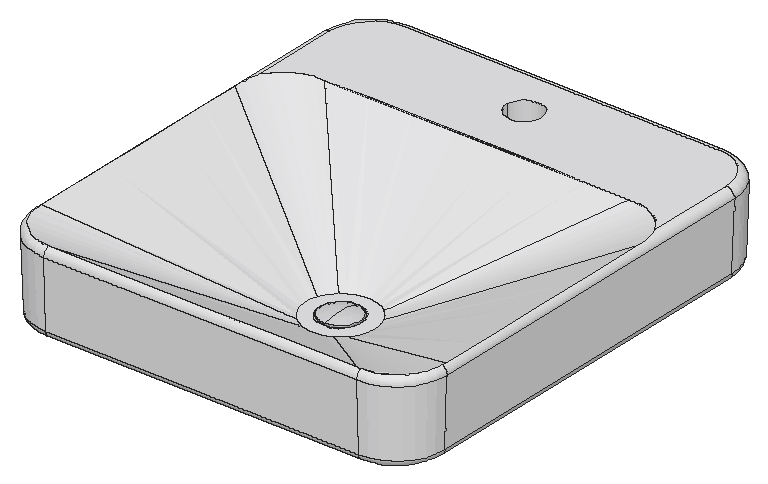
Revit family "Sink-Vessel-Lavatory-KOHLER-FOREFRONT-K-75374IN_1", category Plumbing Fixtures, host Face, Revit 2017
Family settings
  Host = Face
  Round Connector Dimension = Use Diameter
  Part Type = Normal
  OmniClass Number = 23.31.13.00
  OmniClass Title = Sinks
  Cut with Voids When Loaded = No
  Shared = No
  Room Calculation Point = No
Parameters (values of type "0-White")
  Width = 18 7/64"  # constant formula
  WaterSense Certified = 1 = 0  # no
  Waste Water Outlet = "Waste Water Outlet"  # constant formula
  Waste Connection = 1 = 1  # yes
  Vent Connection = 1 = 0  # no
  URL = "https://www.kohler.co.in/"
  Type = 1
  Product Page URL = "https://www.kohler.co.in/product-detail/75374in-1?skuid=K-75374IN-1-0"
  Product Name = "FOREFRONT "  # constant formula
  Product Documentation Link = "http://resources.kohler.com/plumbing/kohlerindia/pdf/75374IN-1-0.PDF"
  Model = "K-75374IN-1-0"  # constant formula
  Material = "Vitreous China"  # constant formula
  Master Format 2014 Name = "Residential Lavatories and Sinks"  # constant formula
  Master Format 2014 = "22 41 16"  # constant formula
  Manufacturer Address = "Ambience Office Tower NH-8 Gurgaon / Gurugram Haryana , 122001\r\n"  # constant formula
  Manufacturer = "KOHLER Co."  # constant formula
  Length = 16 35/128"  # constant formula
  Hot Water Inlet = "Hot Water Inlet"  # constant formula
  Height = 5 253/256"  # constant formula
  HW Connection = 1 = 0  # no
  Finish = Kohler-Vitreous_China-0-White
  Environmental Product Declaration = ""
  Drain Included = 1 = 0  # no
  Description = "SQ W/ DECK"  # constant formula
  Default Elevation = 36"
  Declare Label = ""
  Date Modified = "10/13/2020"  # constant formula
  Date Created = "10/13/2020"  # constant formula
  Copyright = "Copyright KOHLER Co."  # constant formula
  Contact Us = "https://www.kohler.co.in/contact-us"
  Cold Water Inlet = "Cold Water Inlet"  # constant formula
  CW Connection = 1 = 0  # no
  Assembly Code = "D2010400"
  ADA Compliant = 1 = 0  # no
Reference planes (in)
  plane 1 "Center (Front/Back)": y = 0
  plane 2: z = 0
  plane 3 "Center (Left/Right)": x = 0
  plane 4: y = 11.21895
  plane 5: y = 9.0536
  plane 6: y = -6.89043
  plane 7: x = -8.13629
  plane 8: x = 8.13715
  plane 9: z = 3.22723
  plane 10: z = -2.76105
  plane 11: y = 2.16458
Forms (in)
  Extrusion 1, void
    sketch origin (0, 0, 0) x (1, 0, 0) y (0, 1, 0)
      loop
        line (7.53312, 7.75698) -> (-7.50637, 7.75698) -> (-7.50637, -6.34601) -> (7.53312, -6.34601) -> (7.53312, 7.75698)
    from -4.21654 to 0
Dimensions and locks (in)
  "Length": plane 7 to plane 8
  "Width": plane 6 to plane 4
  locked: plane 5 to plane 4 at 2.16535
  locked: plane 1 "Center (Front/Back)" to plane 4 at 11.21895
  "Height": plane 9 to plane 10
  locked: plane 9 to level at 3.22723
  plane 11 to plane 4 = 9.05436"
  aligned and locked: plane 2 to host face
  aligned and locked: level to host face
Automatic sketch dimensions
  host sketch curve to host sketch curve = 96"  (x2)
  plane 7 to Extrusion 1 sketch curve = 0.62992"
  plane 8 to Extrusion 1 sketch curve = 0.60402"
  plane 5 to Extrusion 1 sketch curve = 1.29662"
  plane 6 to Extrusion 1 sketch curve = 0.54441"
Nested families (in)
  nested 1: "K-75374IN" at (0, 0, -2.76187), type "K-75374IN"
Connectors (in)
  piping at (0, 0, -2.76187), diameter 1.25, driven by "Waste Connection", driven by "Waste Water Outlet"
    settings: on nested 1, index 1, connector inside diameter 24", connector length 0", flow factor 0, pipe flow 0 GPM, pressure drop 0.00 psi, fitting loss kfactor 0, connector angle 0.00°, fixture units 0, engagement length 0", angle of deflection 0.00°, flow configuration 0, flow direction 2, fitting loss method 0, system type 16, joint type 0, gender type 0, connector reference index -1, connector utility 1, adjustable connector no, is connector primary yes, connector description "Waste Water Outlet"
Definition of nested family "K-75374IN"
  Parameters (values of type "K-75374IN")
    Material = none
  Reference planes (in)
    plane 1 "Center (Front/Back)": y = 0
    plane 2: z = 0
    plane 3 "Center (Left/Right)": x = 0
    plane 4: y = 11.21895
    plane 5: x = -8.13629
    plane 6: x = 8.13629
    plane 7: y = -6.88978
    plane 8: y = 9.0536
    plane 9: z = 5.98909
    plane 10: z = 2.76187
  Forms (in)
    Sweep 1, solid, material <- "Material", detail levels medium+fine
      path origin (0, 0, 0) x (1, 0, 0) y (0, 1, 0)
        loop
          arc (-6.16778, 11.21895) -> (-7.55973, 10.64239) -> (-8.13629, 9.25045) r 1.9685
          line (-8.13629, 9.25045) -> (-8.13629, -4.92128)
          arc (-8.13629, -4.92128) -> (-7.55973, -6.31322) -> (-6.16778, -6.88978) r 1.9685
          line (-6.16778, -6.88978) -> (6.16778, -6.88978)
          arc (6.16778, -6.88978) -> (7.55973, -6.31322) -> (8.13629, -4.92128) r 1.9685
          line (8.13629, -4.92128) -> (8.13629, 9.25045)
          arc (8.13629, 9.25045) -> (7.55973, 10.64239) -> (6.16778, 11.21895) r 1.9685
          line (6.16778, 11.21895) -> (-6.16778, 11.21895)
      profile origin (0, 11.21895, 0) x (0, 1, 0) y (0, 0, 1)
        loop
          arc (0.00133, 5.65206) -> (-0.09002, 5.88967) -> (-0.32436, 5.98909) r 0.32588
          line (-0.32436, 5.98909) -> (-0.43668, 5.98909) -> (-0.43668, 2.76187) -> (-0.32501, 2.76187)
          arc (-0.32501, 2.76187) -> (-0.16152, 2.82796) -> (-0.08987, 2.98909) r 0.23528
          line (-0.08987, 2.98909) -> (0.00133, 5.65206)
    Extrusion 2, solid, material <- "Material", detail levels medium+fine
      sketch origin (0, 0, 0) x (1, 0, 0) y (0, 1, 0)
        loop
          arc (-6.16778, 10.78227) -> (-7.25095, 10.33361) -> (-7.69961, 9.25045) r 1.53183
          line (-7.69961, 9.25045) -> (-7.69961, -4.92128)
          arc (-7.69961, -4.92128) -> (-7.25095, -6.00444) -> (-6.16778, -6.4531) r 1.53183
          line (-6.16778, -6.4531) -> (6.16778, -6.4531)
          arc (6.16778, -6.4531) -> (7.25095, -6.00444) -> (7.69961, -4.92128) r 1.53183
          line (7.69961, -4.92128) -> (7.69961, 9.25045)
          arc (7.69961, 9.25045) -> (7.25095, 10.33361) -> (6.16778, 10.78227) r 1.53183
          line (6.16778, 10.78227) -> (-6.16778, 10.78227)
      from 0.63541 to 5.98909
    Blend 3, void
      base sketch origin (0, 0, 0) x (1, 0, 0) y (0, 1, 0)
        loop
          arc (-1.29749, 0.46397) -> (-1.3343, -0.34407) -> (-0.91133, -1.03355) r 1.37795
          arc (-0.91133, -1.03355) -> (-0.73308, -1.16677) -> (-0.5357, -1.26956) r 1.37795
          arc (-0.5357, -1.26956) -> (0.08602, -1.37527) -> (0.68973, -1.19291) r 1.37795
          arc (0.68973, -1.19291) -> (0.863, -1.07424) -> (1.01622, -0.93062) r 1.37795
          arc (1.01622, -0.93062) -> (1.36276, -0.20408) -> (1.24426, 0.5921) r 1.37795
          arc (1.24426, 0.5921) -> (1.08131, 0.85412) -> (0.86414, 1.07332) r 1.37795
          arc (0.86414, 1.07332) -> (-0.01547, 1.37787) -> (-0.88803, 1.05364) r 1.37795
          arc (-0.88803, 1.05364) -> (-1.13184, 0.78594) -> (-1.29749, 0.46397) r 1.37795
      top sketch origin (0, 0, 0) x (1, 0, 0) y (0, 1, 0)
        loop
          line (-8.05375, 4.81097) -> (-8.05375, -4.78041)
          arc (-8.05375, -4.78041) -> (-7.44452, -6.18577) -> (-6.00234, -6.70183) r 1.92554
          arc (-6.00234, -6.70183) -> (0, -6.73519) -> (6.00234, -6.70183) r 539.92459
          arc (6.00234, -6.70183) -> (7.44452, -6.18577) -> (8.05375, -4.78041) r 1.92554
          line (8.05375, -4.78041) -> (8.05375, 4.81097)
          arc (8.05375, 4.81097) -> (7.44452, 6.21633) -> (6.00234, 6.73238) r 1.92554
          arc (6.00234, 6.73238) -> (0, 6.76575) -> (-6.00234, 6.73238) r 539.92459
          arc (-6.00234, 6.73238) -> (-7.44452, 6.21633) -> (-8.05375, 4.81097) r 1.92554
      from 2.76187 to 5.98909
    Extrusion 4, void
      sketch origin (0, 0, 0) x (0, 1, 0) y (0, 0, 1)
        loop
          arc (-3.48198, 0.448) -> (-5.59117, 1.95477) -> (-6.82844, 4.23254) r 5.77285
          line (-6.82844, 4.23254) -> (-6.82844, 0.448) -> (-3.48198, 0.448)
        loop
          arc (6.2758, 2.95872) -> (5.03307, 1.45323) -> (3.35963, 0.448) r 5.77285
          line (3.35963, 0.448) -> (11.23365, 0.448) -> (11.23365, 2.95872) -> (6.2758, 2.95872)
      from -8.78416 to 8.24945
    Extrusion 5, void
      sketch origin (0, 0, 0) x (1, 0, 0) y (0, 0, 1)
        loop
          arc (-0.87942, 0.63541) -> (-3.79514, 1.24132) -> (-6.22806, 2.95872) r 7.31841
          line (-6.22806, 2.95872) -> (-8.78712, 2.95872) -> (-8.78712, -0.04325) -> (8.68869, -0.04325) -> (8.68869, 2.95872) -> (6.12964, 2.95872)
          arc (6.12964, 2.95872) -> (3.69671, 1.24132) -> (0.78099, 0.63541) r 7.31841
          line (0.78099, 0.63541) -> (-0.87942, 0.63541)
      from -7.97565 to 9.84252
    Extrusion 6, void
      sketch origin (0, 0, 0) x (0, 1, 0) y (0, 0, 1)
        loop
          line (1.3163, 0.60669) -> (-1.22847, 0.60669)
          arc (-1.22847, 0.60669) -> (-3.6885, 1.23279) -> (-5.54993, 2.95872) r 5.146
          line (-5.54993, 2.95872) -> (-6.92788, 2.95872) -> (-6.92788, -0.19089) -> (6.81887, -0.19089) -> (6.81887, 2.95872) -> (5.63776, 2.95872)
          arc (5.63776, 2.95872) -> (3.77634, 1.23279) -> (1.3163, 0.60669) r 5.146
      from -10.3158 to 9.84252
    Extrusion 7, void
      sketch origin (0, 0, 0) x (1, 0, 0) y (0, 1, 0)
        loop
          circle (0, 9.0536) r 0.6889
      from 2.127 to 6.72956
    Revolve 8, solid, material <- "Material", detail levels medium+fine
      sketch origin (0, 0, 0) x (0, 1, 0) y (0, 0, 1)
        loop
          line (0, 0.63541) -> (0, 0.19685) -> (0.20087, 0.19685) -> (0.20087, 0) -> (1.26594, 0)
          arc (1.26594, 0) -> (1.32089, 0.02137) -> (1.34697, 0.07425) r 0.08134
          line (1.34697, 0.07425) -> (1.38111, 0.46451)
          arc (1.38111, 0.46451) -> (1.41719, 0.5653) -> (1.4981, 0.63541) r 0.21099
          line (1.4981, 0.63541) -> (0, 0.63541)
        axis (0, 0.63541) -> (0, 0)
      angle from 0 to 360
    Revolve 9, solid, detail levels medium+fine
      sketch origin (0, 0, 1.62094) x (0, 1, 0) y (0, 0, 1)
        loop
          line (0, 0.98168) -> (0.25031, 0.98168) -> (0.25031, 1.14093) -> (0.76566, 1.14093)
          arc (0.76566, 1.14093) -> (0.78605, 1.15866) -> (0.7713, 1.1813) r 0.02058
          arc (0.7713, 1.1813) -> (0.38939, 1.26195) -> (0, 1.289) r 2.81571
          line (0, 1.289) -> (0, 0.98168)
        axis (0, 1.289) -> (0, 0.98168)
      angle from 0 to 360
    Revolve 10, void
      sketch origin (0, 0, -0.19685) x (0, 1, 0) y (0, 0, 1)
        loop
          line (0, 2.95872) -> (0, 2.76187) -> (0.68426, 2.76187) -> (0.68426, 2.80857)
          arc (0.68426, 2.80857) -> (0.72824, 2.91474) -> (0.83441, 2.95872) r 0.15015
          line (0.83441, 2.95872) -> (0, 2.95872)
        axis (0, 2.95872) -> (0, 2.76187)
      angle from 0 to 360
    Extrusion 11, solid, material <- "Material", detail levels coarse
      sketch origin (0, 0, 0) x (1, 0, 0) y (0, 1, 0)
        loop
          line (-8.13629, -6.88978) -> (8.13629, -6.88978) -> (8.13629, 11.21895) -> (-8.13629, 11.21895) -> (-8.13629, -6.88978)
        loop
          arc (-6.19569, 6.79219) -> (-7.44844, 6.27329) -> (-7.96735, 5.02054) r 1.77165
          line (-7.96735, 5.02054) -> (-7.96735, -4.7196)
          arc (-7.96735, -4.7196) -> (-7.39079, -6.11154) -> (-5.99884, -6.6881) r 1.9685
          line (-5.99884, -6.6881) -> (6.19322, -6.6881)
          arc (6.19322, -6.6881) -> (7.44597, -6.1692) -> (7.96487, -4.91645) r 1.77165
          line (7.96487, -4.91645) -> (7.96487, 5.02054)
          arc (7.96487, 5.02054) -> (7.44597, 6.27329) -> (6.19322, 6.79219) r 1.77165
          line (6.19322, 6.79219) -> (-6.19569, 6.79219)
      from 2.76187 to 5.98909
    Extrusion 12, solid, material <- "Material", detail levels coarse
      sketch origin (0, 0, 0) x (1, 0, 0) y (0, 1, 0)
        loop
          arc (-6.19569, 6.79219) -> (-7.44844, 6.27329) -> (-7.96735, 5.02054) r 1.77165
          line (-7.96735, 5.02054) -> (-7.96735, -4.7196)
          arc (-7.96735, -4.7196) -> (-7.39079, -6.11154) -> (-5.99884, -6.6881) r 1.9685
          line (-5.99884, -6.6881) -> (6.19322, -6.6881)
          arc (6.19322, -6.6881) -> (7.44597, -6.1692) -> (7.96487, -4.91645) r 1.77165
          line (7.96487, -4.91645) -> (7.96487, 5.02054)
          arc (7.96487, 5.02054) -> (7.44597, 6.27329) -> (6.19322, 6.79219) r 1.77165
          line (6.19322, 6.79219) -> (-6.19569, 6.79219)
      from 2.76187 to 2.82047
    Extrusion 13, solid, material <- "Material", detail levels coarse
      sketch origin (0, 0, 0) x (1, 0, 0) y (0, 1, 0)
        loop
          line (-6.22806, 5.14564) -> (-6.22806, -5.05781) -> (6.12964, -5.05781) -> (6.12964, 5.14564) -> (-6.22806, 5.14564)
      from 0.63541 to 2.76187
    Revolve 14, solid, material <- "Material", detail levels coarse
      sketch origin (0, 0, 0) x (0, 1, 0) y (0, 0, 1)
        loop
          line (0, 0.63541) -> (0, 0) -> (1.38111, 0) -> (1.38111, 0.63541) -> (0, 0.63541)
        axis (0, 0.63541) -> (0, 0)
      angle from 0 to 360
  Cuts and joins
    Blend 3, Extrusion 7, Revolve 10 cuts Sweep 1
    Blend 3, Extrusion 4, Extrusion 5, Extrusion 6, Extrusion 7, Revolve 10 cuts Extrusion 2
    Revolve 10 cuts Revolve 8
    joined: Sweep 1, Extrusion 2, Revolve 8
    joined: Extrusion 11, Extrusion 12, Extrusion 13, Revolve 14
  Lines and regions (in)
    Masking region 1
      outline origin (0, 0, 0) x (1, 0, 0) y (0, 1, 0)
        loop
          arc (-6.16778, 11.21895) -> (-7.55973, 10.64239) -> (-8.13629, 9.25045) r 1.9685
          line (-8.13629, 9.25045) -> (-8.13629, -4.92128)
          arc (-8.13629, -4.92128) -> (-7.55973, -6.31322) -> (-6.16778, -6.88978) r 1.9685
          line (-6.16778, -6.88978) -> (6.16778, -6.88978)
          arc (6.16778, -6.88978) -> (7.55973, -6.31322) -> (8.13629, -4.92128) r 1.9685
          line (8.13629, -4.92128) -> (8.13629, 9.25045)
          arc (8.13629, 9.25045) -> (7.55973, 10.64239) -> (6.16778, 11.21895) r 1.9685
          line (6.16778, 11.21895) -> (-6.16778, 11.21895)
    Masking region 2
      outline origin (0, 0, 0) x (1, 0, 0) y (0, 0, 1)
        loop
          line (7.80043, 5.98909) -> (-7.80043, 5.98909)
          arc (-7.80043, 5.98909) -> (-8.04082, 5.88722) -> (-8.13481, 5.64365) r 0.33456
          line (-8.13481, 5.64365) -> (-8.04841, 2.99065)
          arc (-8.04841, 2.99065) -> (-7.97653, 2.82843) -> (-7.81206, 2.76187) r 0.23648
          line (-7.81206, 2.76187) -> (-6.0372, 2.76187)
          arc (-6.0372, 2.76187) -> (-3.9922, 1.3304) -> (-1.58506, 0.66951) r 7.31841
          arc (-1.58506, 0.66951) -> (-1.44708, 0.60399) -> (-1.38284, 0.4654) r 0.22475
          line (-1.38284, 0.4654) -> (-1.34901, 0.07866)
          arc (-1.34901, 0.07866) -> (-1.32138, 0.02264) -> (-1.26317, 0) r 0.08617
          line (-1.26317, 0) -> (0, 0) -> (1.26317, 0)
          arc (1.26317, 0) -> (1.32138, 0.02264) -> (1.34901, 0.07866) r 0.08617
          line (1.34901, 0.07866) -> (1.38284, 0.4654)
          arc (1.38284, 0.4654) -> (1.44708, 0.60399) -> (1.58506, 0.66951) r 0.22475
          arc (1.58506, 0.66951) -> (3.9922, 1.3304) -> (6.0372, 2.76187) r 7.31841
          line (6.0372, 2.76187) -> (7.81206, 2.76187)
          arc (7.81206, 2.76187) -> (7.97653, 2.82843) -> (8.04841, 2.99065) r 0.23648
          line (8.04841, 2.99065) -> (8.13481, 5.64365)
          arc (8.13481, 5.64365) -> (8.04082, 5.88722) -> (7.80043, 5.98909) r 0.33456
    Masking region 3
      outline origin (0, 0, 0) x (0, 1, 0) y (0, 0, 1)
        loop
          line (10.89766, 5.98909) -> (2.01236, 5.98909) -> (-6.57017, 5.98909)
          arc (-6.57017, 5.98909) -> (-6.79916, 5.89213) -> (-6.88887, 5.6602) r 0.31886
          line (-6.88887, 5.6602) -> (-6.80457, 2.98291)
          arc (-6.80457, 2.98291) -> (-6.73528, 2.82619) -> (-6.57645, 2.76187) r 0.22823
          line (-6.57645, 2.76187) -> (-5.41611, 2.76187)
          arc (-5.41611, 2.76187) -> (-3.82172, 1.30788) -> (-1.77138, 0.63541) r 5.146
          line (-1.77138, 0.63541) -> (-1.56091, 0.63541)
          arc (-1.56091, 0.63541) -> (-1.43928, 0.58811) -> (-1.38156, 0.47107) r 0.18004
          line (-1.38156, 0.47107) -> (-1.34716, 0.07791)
          arc (-1.34716, 0.07791) -> (-1.3198, 0.02242) -> (-1.26214, 0) r 0.08535
          line (-1.26214, 0) -> (1.26214, 0)
          arc (1.26214, 0) -> (1.3198, 0.02242) -> (1.34716, 0.07791) r 0.08535
          line (1.34716, 0.07791) -> (1.38156, 0.47107)
          arc (1.38156, 0.47107) -> (1.43928, 0.58811) -> (1.56091, 0.63541) r 0.18004
          line (1.56091, 0.63541) -> (1.85921, 0.63541)
          arc (1.85921, 0.63541) -> (3.90956, 1.30788) -> (5.50394, 2.76187) r 5.146
          line (5.50394, 2.76187) -> (10.90394, 2.76187)
          arc (10.90394, 2.76187) -> (11.06276, 2.82619) -> (11.13206, 2.98291) r 0.22823
          line (11.13206, 2.98291) -> (11.21636, 5.6602)
          arc (11.21636, 5.6602) -> (11.12665, 5.89213) -> (10.89766, 5.98909) r 0.31886
    symbolic lines, detail levels medium+fine
      curve 1: circle (0, 9.0536, 0) r 0.6889 normal (0, 0, 1)
      curve 4: line (6.09229, 11.09144, 0) -> (-6.10056, 11.09144, 0)
      curve 13: line (7.96882, 4.75835, 0) -> (7.96882, 9.21491, 0)
      curve 14: line (-7.96882, 4.75835, 0) -> (-7.96882, 9.22318, 0)
      curve 15: arc (-7.96882, 9.22318, 0) -> (-7.42162, 10.54424, 0) -> (-6.10056, 11.09144, 0) r 1.86826
      curve 16: arc (6.09229, 11.09144, 0) -> (7.41919, 10.54181, 0) -> (7.96882, 9.21491, 0) r 1.87652
      curve 17: circle (0, 0, 0) r 0.7874 normal (0, 0, 1)
      curve 19: line (-6.0372, 0, 2.76187) -> (6.0372, 0, 2.76187)
      curve 20: line (-8.13481, 0, 5.64365) -> (8.13481, 0, 5.64365)
      curve 21: line (-0.87942, 0, 0.63541) -> (0.78099, 0, 0.63541)
      curve 22: arc (0.78099, 0, 0.63541) -> (1.18339, 0, 0.64394) -> (1.58506, 0, 0.66951) r 9.49728
      curve 23: arc (-1.65323, 0, 0.67644) -> (-1.26687, 0, 0.64568) -> (-0.87942, 0, 0.63541) r 7.31841
      curve 24: line (0, 5.50394, 2.76187) -> (0, -5.41611, 2.76187)
      curve 25: line (0, 11.21636, 5.6602) -> (0, -6.88887, 5.6602)
      curve 26: line (0, 1.56091, 0.63541) -> (0, -1.56091, 0.63541)
    symbolic lines
      curve 2: arc (-6.00234, 6.73238, 0) -> (0, 6.76575, 0) -> (6.00234, 6.73238, 0) r 539.92459
      curve 3: arc (6.00234, 6.73238, 0) -> (7.05035, 6.50134, 0) -> (7.81192, 5.74521, 0) r 1.92554
      curve 5: arc (-7.81192, 5.74521, 0) -> (-7.05035, 6.50134, 0) -> (-6.00234, 6.73238, 0) r 1.92554
      curve 6: line (-7.96912, 4.75652, 0) -> (-7.81192, 5.74521, 0)
      curve 7: line (-7.96691, -4.84238, 0) -> (-7.96912, 4.75652, 0)
      curve 8: spline (-6.24787, -6.66982, 0) -> (-6.47605, -6.641, 0) -> (-6.69882, -6.58381, 0) -> (-6.91267, -6.49917, 0) -> (-7.11422, -6.38839, 0) -> (-7.30031, -6.25323, 0) -> (-7.46799, -6.09583, 0) -> (-7.61462, -5.91865, 0) -> (-7.7379, -5.7245, 0) -> (-7.83586, -5.51644, 0) -> (-7.90698, -5.29775, 0) -> (-7.95012, -5.07187, 0) -> (-7.96462, -4.84238, 0)
      curve 9: spline (6.24901, -6.66952, 0) -> (5.20762, -6.67658, 0) -> (4.16622, -6.68236, 0) -> (3.12481, -6.68687, 0) -> (2.0834, -6.69009, 0) -> (1.04198, -6.69203, 0) -> (0.00057, -6.6927, 0) -> (-1.04085, -6.69208, 0) -> (-2.08226, -6.69019, 0) -> (-3.12368, -6.68702, 0) -> (-4.16508, -6.68256, 0) -> (-5.20648, -6.67683, 0) -> (-6.24787, -6.66982, 0)
      curve 10: spline (7.96512, -4.84159, 0) -> (7.95066, -5.07105, 0) -> (7.90755, -5.2969, 0) -> (7.83648, -5.51557, 0) -> (7.73857, -5.72363, 0) -> (7.61535, -5.91779, 0) -> (7.46878, -6.095, 0) -> (7.30117, -6.25245, 0) -> (7.11515, -6.38767, 0) -> (6.91365, -6.49853, 0) -> (6.69986, -6.58327, 0) -> (6.47714, -6.64057, 0) -> (6.24901, -6.66952, 0)
      curve 11: line (7.96882, 4.75835, 0) -> (7.9675, -4.84159, 0)
      curve 12: line (7.81192, 5.74521, 0) -> (7.96882, 4.75835, 0)
      curve 18: circle (0, 0, 0) r 1.49569 normal (0, 0, 1)
  Dimensions and locks (in)
    plane 4 to plane 7 = 18.10873"
    plane 4 to plane 1 "Center (Front/Back)" = 11.21895"
    plane 5 to plane 6 = 16.27258"
    plane 4 to plane 8 = 2.16535"
    plane 9 to plane 2 = 5.98909"
    plane 9 to plane 10 = 3.22723"
    aligned and locked: plane 2 to level
